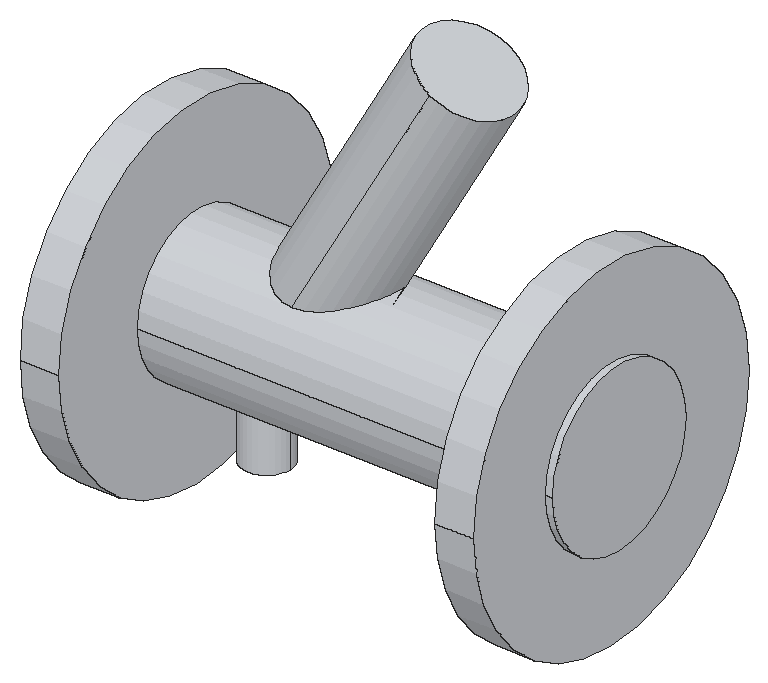
Revit family "HS 821-síto_standard-PN16-DN015-RFA_2019", category Pipe Accessories, Revit 2019
Family settings
  Round Connector Dimension = Use Diameter
  Part Type = Breaks Into
  Work Plane-Based = No
  Always vertical = Yes
  Cut with Voids When Loaded = No
  Shared = No
Parameters (values of type "821A-DN015-PN16-síto_standard")
  magiProductId = "a71bcfe8b393460598b23e8ddf7dc5"
  magiProductFamilyId = "79214ac3aaa945e397802f559f5c1e"
  magiPartTypeId = 307
  isMeasuringValve [instance] = no
  ang2D [instance] = 0.00°
  ZB__ve = -ZB  # -16.25 mm
  ZB1 = 18.63 mm
  ZB = 16.25 mm
  X2 = 46.982 mm
  X1 = 18.2 mm
  W2D = 15 mm
  VersionID = "2.0/2017.9.26.1/ZETKAMA_821_001"
  Use Minimum Symbol Size [instance] = yes
  URL = "www.hydronix.cz"
  Type Comments = "Filtr přírubový; síto standardní; A-PN16 (-10~300°C); D-PN25 (-10~350°C); F-PN40 (-10~400°C)"
  S = 46 mm
  QmdConnectorList = "301;D;302;D"
  Productdata [instance] = ""
  Manufacturer = "Hydronix"
  MC Product Code = "200 115 (821A; DN015; PN16; kvs6,3; oko síta 1,00mm)"
  LM1 = 10.4 mm
  LM = 104 mm
  L4 = 32.5 mm
  L2D_Min = 3048 mm
  L2D = 130 mm
  L2 = 65 mm
  HH2 = 81.375 mm
  FD = 95 mm
  Description = "Filtr přírubový; síto standardní; 821A-PN16; 821D-PN25; 821F-PN40"
  DM1 = 27.6 mm
  DM = 41.4 mm
  D = 15 mm
  CC = 2.21 mm
  CAT0 = yes
  C1 = 10.79 mm
  C = 13 mm
  BD = 13.041 mm
Types (40, lengths in mm): name | magiProductId | ZB__ve | ZB1 | ZB | X2 | X1 | S | MC Product Code | LM1 | LM | L4 | L2 | HH2 | FD | DM1 | DM | D | CC | C1 | C | BD
  821A-DN015-PN16-síto_standard | "a71bcfe8b393460598b23e8ddf7dc5" | -16.25 | 18.63 | 16.25 | 46.982 | 18.2 | 46 | "200 115 (821A; DN015; PN16; kvs6,3; oko síta 1,00mm)" | 10.4 | 104 | 32.5 | 65 | 81.375 | 95 | 27.6 | 41.4 | 15 | 2.21 | 10.79 | 13 | 13.041
  821A-DN020-PN16-síto_standard | "41cd6c7a12924f4991217528336076" | -17.75 | 22.68 | 17.75 | 51.673 | 21 | 56 | "200 120 (821A; DN020; PN16; kvs11,2; oko síta 1,00mm)" | 12 | 120 | 37.5 | 75 | 89.5 | 105 | 33.6 | 50.4 | 20 | 2.55 | 12.45 | 15 | 15.876
  821A-DN025-PN16-síto_standard | "be378b463ed14c3abf4c9b3ae8cf3a" | -19.25 | 26.325 | 19.25 | 58.601 | 22.4 | 65 | "200 125 (821A; DN025; PN16; kvs14,7; oko síta 1,00mm)" | 12.8 | 128 | 40 | 80 | 101.5 | 115 | 43.2 | 58.5 | 25 | 2.72 | 13.28 | 16 | 18.427
  821A-DN032-PN16-síto_standard | "227a0d18b21540afabe8b6067d35fa" | -23 | 30.78 | 23 | 68.849 | 25.2 | 76 | "200 132 (821A; DN032; PN16; kvs23,7; oko síta 1,00mm)" | 14.4 | 144 | 45 | 90 | 119.25 | 140 | 50.4 | 68.4 | 32 | 3.06 | 14.94 | 18 | 21.546
  821A-DN040-PN16-síto_standard | "d106917c74724141a10440112d0102" | -24.5 | 34.02 | 24.5 | 75.777 | 28 | 84 | "200 140 (821A; DN040; PN16; kvs37,7; oko síta 1,00mm)" | 16 | 160 | 50 | 100 | 131.25 | 150 | 60 | 75.6 | 40 | 3.4 | 16.6 | 20 | 23.814
  821A-DN050-PN16-síto_standard | "8255d456a09e4f6486734f5dd9171b" | -26.75 | 40.095 | 26.75 | 79.061 | 32.2 | 99 | "200 150 (821A; DN050 PN16; kvs57,9; oko síta 1,00mm)" | 18.4 | 184 | 57.5 | 115 | 136.938 | 165 | 73.8 | 89.1 | 50 | 3.91 | 19.09 | 23 | 28.066
  821A-DN065-PN16-síto_standard | "235b1b3e4c0843779a4d5e3716d40a" | -29.75 | 47.79 | 29.75 | 86.927 | 40.6 | 118 | "200 165 (821A; DN065; PN16; kvs101,5; oko síta 1,25mm)" | 23.2 | 232 | 72.5 | 145 | 150.562 | 185 | 94.2 | 106.2 | 65 | 4.93 | 24.07 | 29 | 33.453
  821A-DN080-PN16-síto_standard | "a067f7c5236348ed8c820d16df7214" | -32 | 53.46 | 32 | 104.753 | 43.4 | 132 | "200 180 (821A; DN080; PN16; kvs147,4; oko síta 1,25mm)" | 24.8 | 248 | 77.5 | 155 | 181.438 | 200 | 107.4 | 118.8 | 80 | 5.27 | 25.73 | 31 | 37.422
  821A-DN100-PN16-síto_standard | "c49a648c2747461285837d643703cd" | -35 | 63.18 | 35 | 114.857 | 49 | 156 | "200 190 (821A; DN100; PN16; kvs209,6; oko síta 1,60mm)" | 28 | 280 | 87.5 | 175 | 198.937 | 220 | 131.4 | 140.4 | 100 | 5.95 | 29.05 | 35 | 44.226
  821A-DN125-PN16-síto_standard | "bf68e728a163493cbd2a663b26ebdc" | -39.5 | 74.52 | 39.5 | 131.888 | 56 | 184 | "200 191 (821A; DN125; PN16; kvs326,2; oko síta 1,60mm)" | 32 | 320 | 100 | 200 | 228.438 | 250 | 165 | 165.6 | 125 | 6.8 | 33.2 | 40 | 52.164
  821A-DN150-PN16-síto_standard | "2de770284b654863ae6bc865769dc5" | -44.75 | 85.455 | 44.75 | 155.885 | 67.2 | 211 | "200 192 (821A; DN150; PN16; kvs403; oko síta 1,60mm)" | 38.4 | 384 | 120 | 240 | 270 | 285 | 192 | 189.9 | 150 | 8.16 | 39.84 | 48 | 59.818
  821A-DN200-PN16-síto_standard | "8e5693371ab64aabb29a7f08c76e15" | -53 | 107.73 | 53 | 188.361 | 84 | 266 | "200 193 (821A; DN200; PN16; kvs707; oko síta 1,60mm)" | 48 | 480 | 150 | 300 | 326.25 | 340 | 252 | 239.4 | 200 | 10.2 | 49.8 | 60 | 75.411
  821A-DN250-PN16-síto_standard | "05e37ed948c34047acdd4c42556504" | -62.75 | 129.195 | 62.75 | 255.911 | 102.2 | 319 | "200 194 (821A; DN250; PN16; kvs1234; oko síta 1,60mm)" | 58.4 | 584 | 182.5 | 365 | 443.25 | 405 | 309.6 | 287.1 | 250 | 12.41 | 60.59 | 73 | 90.436
  821A-DN300-PN16-síto_standard | "9ad0af747269428da925480d83ce80" | -71 | 149.85 | 71 | 325.914 | 119 | 370 | "200 195 (821A; DN300; PN16; kvs1916; oko síta 1,60mm)" | 68 | 680 | 212.5 | 425 | 564.5 | 460 | 369.6 | 333 | 300 | 14.45 | 70.55 | 85 | 104.895
  821A-DN350-PN16-síto_standard | "eebc71459bb3451bb4355e7951370a" | -80 | 173.745 | 80 | 356.875 | 137.2 | 429 | "200 196 (821A; DN350; PN16; kvs2621; oko síta 1,60mm)" | 78.4 | 784 | 245 | 490 | 618.125 | 520 | 438 | 386.1 | 350 | 16.66 | 81.34 | 98 | 121.621
  821A-DN400-PN16-síto_standard | "d2f677cb196647e385b2590e7d8abe" | -89 | 194.4 | 89 | 392.237 | 154 | 480 | "200 197 (821A; DN400; PN16; kvs3460; oko síta 1,60mm)" | 88 | 880 | 275 | 550 | 679.375 | 580 | 498 | 432 | 400 | 18.7 | 91.3 | 110 | 136.08
  821D-DN015-PN25-síto_standard | "27ddcbf555414f8ca1fde329bf9087" | -16.25 | 18.63 | 16.25 | 46.982 | 18.2 | 46 | "200 215 (821D; DN015; PN25; kvs6,3; oko síta 1,00mm)" | 10.4 | 104 | 32.5 | 65 | 81.375 | 95 | 27.6 | 41.4 | 15 | 2.21 | 10.79 | 13 | 13.041
  821D-DN020-PN25-síto_standard | "270e0f14012f47189cd0235c18faee" | -17.75 | 22.68 | 17.75 | 51.673 | 21 | 56 | "200 220 (821D; DN020; PN25; kvs11,2; oko síta 1,00mm)" | 12 | 120 | 37.5 | 75 | 89.5 | 105 | 33.6 | 50.4 | 20 | 2.55 | 12.45 | 15 | 15.876
  821D-DN025-PN25-síto_standard | "b9a7fb4aa36643878c637d8e1ab992" | -19.25 | 26.325 | 19.25 | 58.601 | 22.4 | 65 | "200 225 (821D; DN025; PN25; kvs14,7; oko síta 1,00mm)" | 12.8 | 128 | 40 | 80 | 101.5 | 115 | 43.2 | 58.5 | 25 | 2.72 | 13.28 | 16 | 18.427
  821D-DN032-PN25-síto_standard | "6be9a55c4e68400f94eec7e804204c" | -23 | 30.78 | 23 | 68.849 | 25.2 | 76 | "200 232 (821D; DN032; PN25; kvs23,7; oko síta 1,00mm)" | 14.4 | 144 | 45 | 90 | 119.25 | 140 | 50.4 | 68.4 | 32 | 3.06 | 14.94 | 18 | 21.546
  821D-DN040-PN25-síto_standard | "c54511bd7f584ec2984291479612cb" | -24.5 | 34.02 | 24.5 | 75.777 | 28 | 84 | "200 240 (821D; DN040; PN25; kvs37,7; oko síta 1,00mm)" | 16 | 160 | 50 | 100 | 131.25 | 150 | 60 | 75.6 | 40 | 3.4 | 16.6 | 20 | 23.814
  821D-DN050-PN25-síto_standard | "5483b1f596b04cd39b23a14a22c90e" | -26.75 | 40.095 | 26.75 | 79.061 | 32.2 | 99 | "200 250 (821D; DN050; PN25; kvs57,9; oko síta 1,00mm)" | 18.4 | 184 | 57.5 | 115 | 136.938 | 165 | 73.8 | 89.1 | 50 | 3.91 | 19.09 | 23 | 28.066
  821D-DN065-PN25-síto_standard | "767b0f8318e94750bc7a9930ed5b30" | -29.75 | 47.79 | 29.75 | 86.927 | 40.6 | 118 | "200 265 (821D; DN065; PN25; kvs101,5; oko síta 1,25mm)" | 23.2 | 232 | 72.5 | 145 | 150.562 | 185 | 94.2 | 106.2 | 65 | 4.93 | 24.07 | 29 | 33.453
  821D-DN080-PN25-síto_standard | "e21040fa3cc2404b858198f6b73709" | -32 | 53.46 | 32 | 104.753 | 43.4 | 132 | "200 280 (821D; DN080; PN25; kvs147,4; oko síta 1,25mm)" | 24.8 | 248 | 77.5 | 155 | 181.438 | 200 | 107.4 | 118.8 | 80 | 5.27 | 25.73 | 31 | 37.422
  821D-DN100-PN25-síto_standard | "175ca87a506b40b3bc6b82f12f33cf" | -37.25 | 63.18 | 37.25 | 114.857 | 49 | 156 | "200 290 (821D; DN100; PN25; kvs209,6; oko síta 1,60mm)" | 28 | 280 | 87.5 | 175 | 198.937 | 235 | 131.4 | 140.4 | 100 | 5.95 | 29.05 | 35 | 44.226
  821D-DN125-PN25-síto_standard | "77cc98d60da24855999a22dff726b2" | -42.5 | 74.52 | 42.5 | 131.888 | 56 | 184 | "200 291 (821D; DN125; PN25; kvs326,2; oko síta 1,60mm)" | 32 | 320 | 100 | 200 | 228.438 | 270 | 165 | 165.6 | 125 | 6.8 | 33.2 | 40 | 52.164
  821D-DN150-PN25-síto_standard | "9cf8acfcd15547d68e83172d3abcbe" | -47 | 85.455 | 47 | 155.885 | 67.2 | 211 | "200 292 (821D; DN150; PN25; kvs403; oko síta 1,60mm)" | 38.4 | 384 | 120 | 240 | 270 | 300 | 192 | 189.9 | 150 | 8.16 | 39.84 | 48 | 59.818
  821D-DN200-PN25-síto_standard | "16973f3c9ea14389ba8602495a6b64" | -56 | 110.97 | 56 | 188.361 | 84 | 274 | "200 293 (821D; DN200; PN25; kvs707; oko síta 1,60mm)" | 48 | 480 | 150 | 300 | 326.25 | 360 | 252 | 246.6 | 200 | 10.2 | 49.8 | 60 | 77.679
  821F-DN015-PN40-síto_standard | "4c7eaf3c4c0340888b3e684d8a8616" | -16.25 | 18.225 | 16.25 | 46.982 | 18.2 | 45 | "240 615 (821F; DN015; PN40; kvs6,3; oko síta 1,00mm)" | 10.4 | 104 | 32.5 | 65 | 81.375 | 95 | 27.6 | 40.5 | 15 | 2.21 | 10.79 | 13 | 12.757
  821F-DN020-PN40-síto_standard | "aaac5f1ec96b44d6ba96ac2293d66d" | -17.75 | 23.49 | 17.75 | 51.673 | 21 | 58 | "240 620 (821F; DN020; PN40; kvs11,2; oko síta 1,00mm)" | 12 | 120 | 37.5 | 75 | 89.5 | 105 | 33.6 | 52.2 | 20 | 2.55 | 12.45 | 15 | 16.443
  821F-DN025-PN40-síto_standard | "504768023968471481789485b54c7e" | -19.25 | 27.54 | 19.25 | 58.601 | 22.4 | 68 | "240 625 (821F; DN025; PN40; kvs14,7; oko síta 1,00mm)" | 12.8 | 128 | 40 | 80 | 101.5 | 115 | 43.2 | 61.2 | 25 | 2.72 | 13.28 | 16 | 19.278
  821F-DN032-PN40-síto_standard | "165e7f39cf744f329bdf1c400dad12" | -23 | 31.59 | 23 | 68.849 | 25.2 | 78 | "240 632 (821F; DN032; PN40; kvs23,7; oko síta 1,00mm)" | 14.4 | 144 | 45 | 90 | 119.25 | 140 | 50.4 | 70.2 | 32 | 3.06 | 14.94 | 18 | 22.113
  821F-DN040-PN40-síto_standard | "b8903f952089408fbf3a5a632bab1f" | -24.5 | 35.64 | 24.5 | 75.777 | 28 | 88 | "240 640 (821F; DN040; PN40; kvs37,7; oko síta 1,00mm)" | 16 | 160 | 50 | 100 | 131.25 | 150 | 60 | 79.2 | 40 | 3.4 | 16.6 | 20 | 24.948
  821F-DN050-PN40-síto_standard | "c451f97266fe48da8f879cb6a2bd44" | -26.75 | 41.31 | 26.75 | 79.061 | 32.2 | 102 | "240 650 (821F; DN050; PN40; kvs57,9; oko síta 1,00mm)" | 18.4 | 184 | 57.5 | 115 | 136.938 | 165 | 73.8 | 91.8 | 50 | 3.91 | 19.09 | 23 | 28.917
  821F-DN065-PN40-síto_standard | "dc9821e3f9b34e128f6a8c6b34c198" | -29.75 | 49.41 | 29.75 | 86.927 | 40.6 | 122 | "240 665 (821F; DN065; PN40; kvs101,5; oko síta 1,25mm)" | 23.2 | 232 | 72.5 | 145 | 150.562 | 185 | 94.2 | 109.8 | 65 | 4.93 | 24.07 | 29 | 34.587
  821F-DN080-PN40-síto_standard | "689aa1e260f84cf4994f027a1d86b5" | -32 | 55.89 | 32 | 104.753 | 43.4 | 138 | "240 680 (821F; DN080; PN40; kvs147,4; oko síta 1,25mm)" | 24.8 | 248 | 77.5 | 155 | 181.438 | 200 | 107.4 | 124.2 | 80 | 5.27 | 25.73 | 31 | 39.123
  821F-DN100-PN40-síto_standard | "8a45d4e8e2ab425f8c432f21d684f3" | -37.25 | 65.61 | 37.25 | 114.857 | 49 | 162 | "240 690 (821F; DN100; PN40; kvs209,6; oko síta 1,6mm)" | 28 | 280 | 87.5 | 175 | 198.937 | 235 | 131.4 | 145.8 | 100 | 5.95 | 29.05 | 35 | 45.927
  821F-DN125-PN40-síto_standard | "cf073904c006406b8645afa67ea2fc" | -42.5 | 76.14 | 42.5 | 131.888 | 56 | 188 | "240 691 (821F; DN125; PN40; kvs326,2; oko síta 1,6mm)" | 32 | 320 | 100 | 200 | 228.438 | 270 | 165 | 169.2 | 125 | 6.8 | 33.2 | 40 | 53.298
  821F-DN150-PN40-síto_standard | "0153b9ddabe14992a630484929fdbc" | -47 | 88.29 | 47 | 155.885 | 67.2 | 218 | "240 692 (821F; DN150; PN40; kvs403; oko síta 1,6mm)" | 38.4 | 384 | 120 | 240 | 270 | 300 | 192 | 196.2 | 150 | 8.16 | 39.84 | 48 | 61.803
  821F-DN200-PN40-síto_standard | "7fb3fc01dd8d42428c203e3f8dd4d5" | -56 | 115.425 | 56 | 188.361 | 84 | 285 | "240 693 (821F; DN200; PN40; kvs707; oko síta 1,6mm)" | 48 | 480 | 150 | 300 | 326.25 | 360 | 252 | 256.5 | 200 | 10.2 | 49.8 | 60 | 80.797
Reference planes
  plane 1 "Center (Front/Back)": y = 0
  plane 2 "XYPLANE": z = 0
  plane 3 "Center (Left/Right)": x = 0
  plane 4 "109": x = -41.6
  plane 5 "108": x = 52
  plane 6 "107": x = -52
  plane 7 "105": x = 65
  plane 8 "104": x = -65
  plane 9 "103": y = 0
  plane 10 "102": z = 0
  plane 11 "101": x = -62.79
  plane 12 "100": x = 62.79
  plane 13 "11": x = -23.4
  plane 14 "10": z = 81.375
  plane 15 "9": x = 23.582
  plane 16 "5": z = -18.63
  plane 17 "4": x = -32.5
  plane 18 "1": x = 32.5
Forms (mm)
  Extrusion 1, solid, visible <- "CAT0"
    sketch origin (-52, -750, 0) x (0, 1, 0) y (0, 0, 1)
      loop
        circle (750, 0) r 20.7
    from 0 to 104 <- "LM"
  Extrusion 2, solid
    sketch origin (-65, -750, 0) x (0, 1, 0) y (0, 0, 1)
      loop
        circle (750, 0) r 23
    from 0 to 2.21 <- "CC"
  Extrusion 3, solid
    sketch origin (-62.79, -750, 0) x (0, 1, 0) y (0, 0, 1)
      loop
        circle (750, 0) r 47.5
    from 0 to 10.79 <- "C1"
  Extrusion 4, solid
    sketch origin (52, -750, 0) x (0, 1, 0) y (0, 0, 1)
      loop
        circle (750, 0) r 47.5
    from 0 to 10.79 <- "C1"
  Extrusion 5, solid
    sketch origin (62.79, -750, 0) x (0, 1, 0) y (0, 0, 1)
      loop
        circle (750, 0) r 23
    from 0 to 2.21 <- "CC"
  Sweep 6, solid, visible <- "CAT0"
    path origin (750, 0, 0) x (-1, 0, 0) y (0, 0, 1)
      loop
        line (802, 0) -> (773.4, 0) -> (726.418, 81.375)
    profile origin (-52, 0, 0) x (0, 0, -1) y (0, 1, 0)
      loop
        circle (0, 0) r 13.8
  Extrusion 7, solid, visible <- "CAT0"
    sketch origin (-750, 0, -18.63) x (1, 0, 0) y (0, 1, 0)
      loop
        circle (717.5, 0) r 6.52
    from 0 to -16.25 <- "ZB__ve"
  Extrusion 8, solid, visible <- "CAT0"
    sketch origin (-750, 0, -18.63) x (1, 0, 0) y (0, 1, 0)
      loop
        circle (782.5, 0) r 6.52
    from 0 to -16.25 <- "ZB__ve"
  Extrusion 9, solid, not visible
    sketch origin (65, -750, 0) x (0, 1, 0) y (0, 0, 1)
      loop
        circle (750, 0) r 10
    from 0 to -10
  Extrusion 10, solid, not visible
    sketch origin (-65, -750, 0) x (0, 1, 0) y (0, 0, 1)
      loop
        circle (750, 0) r 10
    from 0 to 10
Lines and regions (mm)
  reference lines, not visible
    curve 1: circle (2, 2, 0) r 1 normal (0, 0, 1)
Dimensions and locks
  plane 1 "Center (Front/Back)" to curve 1 = 2 mm
  "LM1": plane 6 "107" to plane 4 "109"
  "LM": plane 6 "107" to plane 5 "108"
  "C": plane 8 "104" to plane 6 "107"
  "L2": plane 3 "Center (Left/Right)" to plane 7 "105"
  "L2": plane 3 "Center (Left/Right)" to plane 8 "104"
  locked: plane 1 "Center (Front/Back)" to plane 9 "103"
  locked: plane 2 "XYPLANE" to plane 10 "102"
  "CC": plane 8 "104" to plane 11 "101"
  "C1": plane 5 "108" to plane 12 "100"
  "X1": plane 4 "109" to plane 13 "11"
  "HH2": plane 2 "XYPLANE" to plane 14 "10"
  "X2": plane 13 "11" to plane 15 "9"
  "ZB1": plane 2 "XYPLANE" to plane 16 "5"
  "L4": plane 8 "104" to plane 17 "4"
  "L2": plane 17 "4" to plane 18 "1"
  Sweep 6 sketch curve to Sweep 6 sketch curve = 0 mm  (x2)
  "DM": diameter of Extrusion 1 sketch curve
  "S": diameter of Extrusion 2 sketch curve
  "FD": diameter of Extrusion 3 sketch curve
  "FD": diameter of Extrusion 4 sketch curve
  "S": diameter of Extrusion 5 sketch curve
  "DM1": diameter of Sweep 6 sketch curve
  "BD": diameter of Extrusion 7 sketch curve
  "BD": diameter of Extrusion 8 sketch curve
  aligned and locked: level to plane 2 "XYPLANE"
  aligned and locked: Extrusion 1 sketch curve to plane 9 "103"
  aligned and locked: plane 10 "102" to Extrusion 1 sketch curve
  aligned and locked: Extrusion 2 sketch curve to plane 9 "103"
  aligned and locked: plane 10 "102" to Extrusion 2 sketch curve
  aligned and locked: Extrusion 3 sketch curve to plane 9 "103"
  aligned and locked: plane 10 "102" to Extrusion 3 sketch curve
  aligned and locked: Extrusion 4 sketch curve to plane 9 "103"
  aligned and locked: plane 10 "102" to Extrusion 4 sketch curve
  aligned and locked: Extrusion 5 sketch curve to plane 9 "103"
  aligned and locked: plane 10 "102" to Extrusion 5 sketch curve
  aligned and locked: Sweep 6 sketch curve to plane 9 "103"
  aligned and locked: plane 10 "102" to Sweep 6 sketch curve  (x3)
  aligned and locked: plane 6 "107" to Sweep 6 sketch curve
  aligned and locked: plane 13 "11" to Sweep 6 sketch curve
  aligned and locked: plane 14 "10" to Sweep 6 sketch curve
  aligned and locked: plane 15 "9" to Sweep 6 sketch curve
  aligned and locked: plane 9 "103" to Extrusion 7 sketch curve
  aligned and locked: plane 17 "4" to Extrusion 7 sketch curve
  aligned and locked: plane 9 "103" to Extrusion 8 sketch curve
  aligned and locked: plane 18 "1" to Extrusion 8 sketch curve
  aligned and locked: Extrusion 9 sketch curve to plane 9 "103"
  aligned and locked: plane 10 "102" to Extrusion 9 sketch curve
  aligned and locked: Extrusion 10 sketch curve to plane 9 "103"
  aligned and locked: plane 10 "102" to Extrusion 10 sketch curve
Automatic sketch dimensions
  plane 1 "Center (Front/Back)" to Extrusion 9 sketch curve = 10 mm
  plane 1 "Center (Front/Back)" to Extrusion 10 sketch curve = 10 mm
  plane 3 "Center (Left/Right)" to curve 1 = 2 mm
  radius of curve 1 = 1 mm
Connectors
  piping at (-65, 0, 0), diameter 15, driven by "D"
    settings: on Extrusion 10, index 1, connector inside diameter 609.6 mm, connector length 0 mm, flow factor 0, pipe flow 0.0 L/s, pressure drop 0.0 Pa, fitting loss kfactor 0, connector angle 0.00°, fixture units 0, engagement length 0 mm, angle of deflection 0.00°, flow configuration 0, flow direction 0, fitting loss method 0, system type 29, joint type 0, gender type 0, connector reference index 2, connector utility 0, adjustable connector no, is connector primary yes, connector description ""
  piping at (65, 0, 0), diameter 15, driven by "D"
    settings: on Extrusion 9, index 2, connector inside diameter 609.6 mm, connector length 0 mm, flow factor 0, pipe flow 0.0 L/s, pressure drop 0.0 Pa, fitting loss kfactor 0, connector angle 0.00°, fixture units 0, engagement length 0 mm, angle of deflection 0.00°, flow configuration 0, flow direction 0, fitting loss method 0, system type 29, joint type 0, gender type 0, connector reference index 1, connector utility 0, adjustable connector no, is connector primary no, connector description ""
